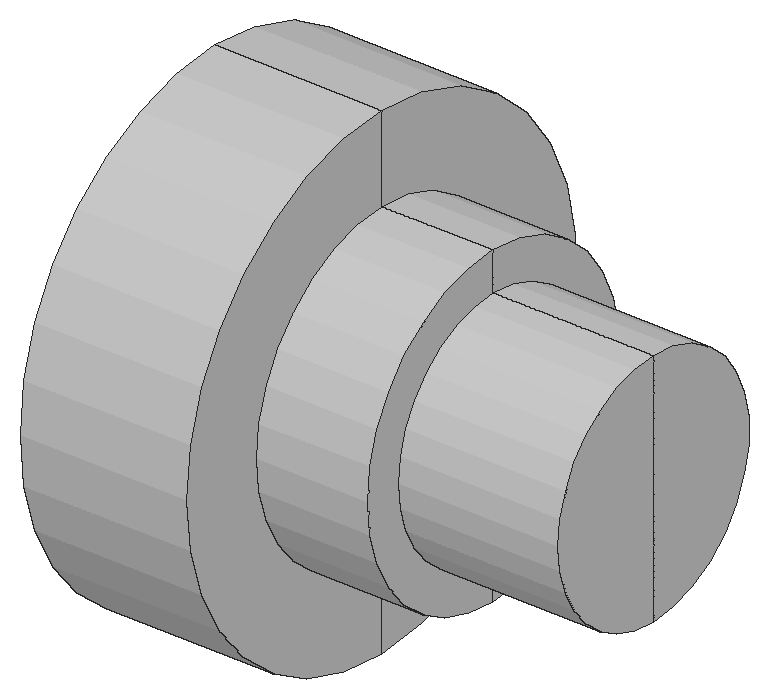
Revit family "6209_Eisenrohranschluß mit Konus", category Rohrformteile, Revit 2021
Family settings
  Bemaßung runder Anschluss = Durchmesser verwenden
  Teiletyp = Verbindung
  OmniClass-Nummer = 23.65.55.14
  OmniClass-Titel = Valves for Liquid Services
  Arbeitsebenenbasiert = Nein
  Immer vertikal = Ja
  Beim Laden mit Abzugskörper schneiden = Nein
  Gemeinsam genutzt = Nein
Parameters (values of type "G1 1/4 x R1")
  Vorgabe-Ansicht = 0 mm
  URL = "www.herz-armaturen.at"
  SCRNSEQ = "AWI;AWI_TYP=\"1001\";2"
  SCRNCODE = "07;01;02"  # constant formula
  S02 = 8 mm  # constant formula
  S01 [instance] = GT  # 12 mm
  O-Ring = "EPDM"  # constant formula
  Nennweite [instance] = if([5_4x1], 25 mm, if([7_4x5_4], 32 mm, 0 mm))  # 25 mm
  Nennweite_IG [instance] = if([5_4x1], 32 mm, if([7_4x5_4], 40 mm, 0 mm))  # 32 mm
  Mutter = "Messing CW614N, vernickelt"  # constant formula
  Max. Betriebstemperatur = 110 °C  # constant formula
  Max. Betriebsdruck = 1000000.0 Pa  # constant formula
  Medium = "Heizungswasser nach ÖNORM H5195 oder VDI- Richtlinie 2035.\r\nDie Verwendung von Ethylen- oder Propyleneglykol in einem Mischungsverhältnis 25- 50% ist zulässig."
  Hinweiß = "Der O-Ring dient als zusätzliche Dichtung, bei Verlust ist der Eisenrohranschluss metallisch dichtend."
  GT [instance] = size_lookup("6209_", "GT", 1 mm, Nennweite)  # 12 mm
  L02 [instance] = size_lookup("6209_", "L2", 1 mm, Nennweite)  # 16.8 mm
  L01 [instance] = size_lookup("6209_", "L1", 1 mm, Nennweite)  # 17.5 mm
  L00 [instance] = size_lookup("6209_", "L", 1 mm, Nennweite)  # 46 mm
  Hersteller = "HERZ Armaturen Ges.m.b.H."  # constant formula
  Bestellnummer [instance] = if([5_4x1], 1620903, if([7_4x5_4], 1620904, 0))  # 1620903
  D03 [instance] = size_lookup("6209_", "D3", 1 mm, Nennweite)  # 12.5 mm
  D02 [instance] = size_lookup("6209_", "D2", 1 mm, Nennweite)  # 16.5 mm
  D01 [instance] = size_lookup("6209_", "D1", 1 mm, Nennweite)  # 16 mm
  D00 [instance] = size_lookup("6209_", "D", 1 mm, Nennweite)  # 25.5 mm
  Ausführung = "Eisenrohranschluss mit Konus 90°, Mutter und Anschlussstück."
  Anschlussstück = "Messing CW614N, vernickelt"  # constant formula
  7_4x5_4 = no
  5_4x1 = yes
Types (3, lengths in mm): name | S01 | Nennweite | Nennweite_IG | GT | L02 | L01 | L00 | Bestellnummer | D03 | D02 | D01 | D00 | 7_4x5_4 | 5_4x1
  (no name) | 12 | 25 | 32 | 12 | 16.8 | 17.5 | 46 | 1620903 | 12.5 | 16.5 | 16 | 25.5 | no | yes
  G1 1/4 x R1 | 12 | 25 | 32 | 12 | 16.8 | 17.5 | 46 | 1620903 | 12.5 | 16.5 | 16 | 25.5 | no | yes
  G1 3/4 x R1 1/4 | 15 | 32 | 40 | 15 | 19.1 | 21 | 53 | 1620904 | 16 | 21 | 20 | 32.5 | yes | no
Reference planes
  plane 1 "Mitte (Vorne/hinten)": y = 0
  plane 2: z = 0
  plane 3 "Mitte (Links/rechts)": x = 0
Forms (mm)
  Revolve 1, solid, material "Messing, vernickelt", detail levels fine
    sketch origin (0, 0, 0) x (1, 0, 0) y (0, 0, 1)
      loop
        line (0, 16) -> (12, 16) -> (12, 0) -> (46, 0) -> (46, 12.5) -> (29.2, 12.5) -> (29.2, 16.5) -> (17.5, 16.5) -> (17.5, 25.5) -> (0, 25.5) -> (0, 16)
      axis (0, 0) -> (46, 0)
    angle from 0 to 360
Lines and regions (mm)
  model lines, detail levels coarse+medium
    curve 1: line (0, 0, 0) -> (46, 0, 0)
    curve 2: line (12, 0, 25.5) -> (12, 0, -25.5)
    curve 3: line (12, 0, -25.5) -> (20, 0, -25.5)
    curve 4: line (20, 0, -25.5) -> (12, 0, 0)
    curve 5: line (12, 0, 25.5) -> (20, 0, 25.5)
    curve 6: line (20, 0, 25.5) -> (12, 0, 0)
    curve 7: line (12, 25.5, 0) -> (12, -25.5, 0)
    curve 8: line (12, -25.5, 0) -> (20, -25.5, 0)
    curve 9: line (20, -25.5, 0) -> (12, 0, 0)
    curve 10: line (12, 25.5, 0) -> (20, 25.5, 0)
    curve 11: line (20, 25.5, 0) -> (12, 0, 0)
Dimensions and locks
  "L01": Revolve 1 sketch curve to plane 3 "Mitte (Links/rechts)"
  "L00": Revolve 1 sketch curve to plane 3 "Mitte (Links/rechts)"
  "D00": Revolve 1 sketch curve to plane 2
  "L02": Revolve 1 sketch curve to Revolve 1 sketch curve
  "D01": Revolve 1 sketch curve to plane 2
  "D02": Revolve 1 sketch curve to plane 2
  "D03": Revolve 1 sketch curve to plane 2
  "GT": Revolve 1 sketch curve to plane 3 "Mitte (Links/rechts)"
  "L00": curve 1 to curve 1
  "S01": curve 2 to plane 3 "Mitte (Links/rechts)"
  "S02": curve 2 to curve 6
  "S02": curve 2 to curve 4
  "S01": curve 1 to curve 7
  "S02": curve 7 to curve 11
  "S02": curve 7 to curve 9
  "D00": curve 8 to plane 1 "Mitte (Vorne/hinten)" to curve 10
  "D00": curve 5 to plane 2 to curve 3
  aligned and locked: level to plane 2
Automatic sketch dimensions
  curve 1 to level = 0 mm
  curve 1 to plane 3 "Mitte (Links/rechts)" = 0 mm
  curve 4 to level = 0 mm
  curve 6 to curve 4 = 0 mm
  plane 1 "Mitte (Vorne/hinten)" to curve 9 = 0 mm
  plane 1 "Mitte (Vorne/hinten)" to curve 11 = 0 mm
  Revolve 1 sketch curve to level = 0 mm  (x2)
  Revolve 1 sketch curve to plane 3 "Mitte (Links/rechts)" = 0 mm
  Revolve 1 sketch curve to plane 3 "Mitte (Links/rechts)" = 1506.53 mm
  Revolve 1 sketch curve to Revolve 1 sketch curve = 1792.148 mm
Connectors
  piping at (12, 0, 0), diameter 32, driven by "Nennweite_IG"
    settings: on Revolve 1, index 1, connector inside diameter 609.6 mm, connector length 0 mm, flow factor 0, pipe flow 0.0 L/s, pressure drop 0.0 Pa, fitting loss kfactor 0, connector angle 0.00°, fixture units 0, engagement length 0 mm, angle of deflection 0.00°, flow configuration 0, flow direction 0, fitting loss method 0, system type 29, joint type 0, gender type 0, connector reference index -1, connector utility 0, adjustable connector no, is connector primary yes, connector description ""
  piping at (46, 0, 0), diameter 25, driven by "Nennweite"
    settings: on Revolve 1, index 2, connector inside diameter 609.6 mm, connector length 0 mm, flow factor 0, pipe flow 0.0 L/s, pressure drop 0.0 Pa, fitting loss kfactor 0, connector angle 0.00°, fixture units 0, engagement length 0 mm, angle of deflection 0.00°, flow configuration 0, flow direction 0, fitting loss method 0, system type 29, joint type 0, gender type 0, connector reference index -1, connector utility 0, adjustable connector no, is connector primary no, connector description ""
